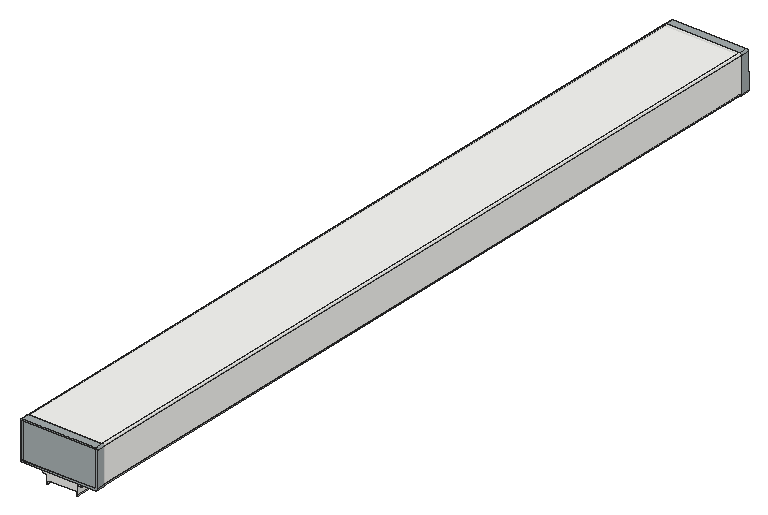
Revit family "Zumtobel TECTON 2 continuous row element ECOOS 2", category Lighting Fixtures, host Face, Revit 2023
Family settings
  Host = Face
  Round Connector Dimension = Use Diameter
  Part Type = Normal
  Cut with Voids When Loaded = No
  Light Source = Yes
  Maintain Annotation Orientation = No
  Shared = No
  Room Calculation Point = Yes
Parameters (values of type "ECOOS2 4400-940 TEC2 L12 MPO LDE WH")
  Lighting Trunking System Mark [instance] = ""
  Include in Schedule [instance] = yes
  Housing Slim = no
  Housing L15 = no
  Housing L12 = yes
  Wattage = 33.2308 W
  built-in parameter 1150110 = 1 (stored number, unit not read)
  URL = "https://www.zumtobel.com/42191044"
  Type Image = ZS_TE2_F_ECOOS2_stnd_config_WH.jpg
  Type IFC Predefined Type = "DIRECTIONSOURCE"
  built-in parameter 1114217 = 1 (stored number, unit not read)
  Tilt Angle = -90.00°  # constant formula
  built-in parameter 1150109 = 1 (stored number, unit not read)
  built-in parameter 1150134 = 12
  TECTON 2 Adapter Length = Luminaire Length - 13 mm  # 1251 mm
  built-in parameter 1150113 = 1 (stored number, unit not read)
  Power Factor = 0.94
  Photometric Web File = "42191044_(STD_LEO).IES"
  Model = "42191044"
  Manufacturer = "Zumtobel Lighting"  # constant formula
  built-in parameter 1150105 = 343.77 (stored number, unit not read)
  Lumens = 4320 lm
  Luminaire Width = if(Housing Slim, 152 mm, 120 mm)  # 120 mm
  Luminaire Length = if(Housing L12, 1264 mm, if(Housing L15, 1512 mm, 1264 mm))  # 1264 mm
  Luminaire Height = if(Housing Slim, 45.81 mm, 73.81 mm)  # 73.81 mm
  built-in parameter 1150115 = 1 (stored number, unit not read)
  built-in parameter 1150137 = (empty or 0)
  built-in parameter 1150139 = (empty or 0)
  built-in parameter 1150112 = 1 (stored number, unit not read)
  built-in parameter 1150114 = 1 (stored number, unit not read)
  Lamp = "LED"  # constant formula
  built-in parameter 1150132 = 2
  built-in parameter 1150102 = (empty or 0)
  built-in parameter 1150107 = 4000 (stored number, unit not read)
  built-in parameter 1150138 = (empty or 0)
  built-in parameter 1150106 = 3.4377 (stored number, unit not read)
  Export Type to IFC As = "IfcLightFixtureType"
  Emit from Rectangle Width = Luminaire Length - 26 mm  # 1238 mm
  built-in parameter 1150128 = Luminaire Width  # 120 mm
  Emit Shape Visible in Rendering = 0 > 1  # no
  built-in parameter 1150104 = 12.077 (stored number, unit not read)
  Dimming Lamp Color Temperature Shift = (empty or 0)
  Description = "Continuous-row Lighting Luminaires"  # constant formula
  Default Elevation = 0 mm  # constant formula
  Color Filter = 16777215
  built-in parameter 1114218 = 1 (stored number, unit not read)
  Emit from Rectangle Length = 3048 mm
  Assembly Code = "Pr_70_70_48_19"
  Apparent Load = Wattage / Power Factor  # 35.3519 VA
Types (6, lengths in mm): name | Housing Slim | Housing L15 | Housing L12 | Wattage | URL | Type Image | TECTON 2 Adapter Length | Power Factor | Photometric Web File | Model | built-in parameter 1150105 | Lumens | Luminaire Width | Luminaire Length | Luminaire Height | built-in parameter 1150106 | Emit from Rectangle Width | built-in parameter 1150128 | built-in parameter 1150104 | Apparent Load
  ECOOS2 4400-940 TEC2 L12 MPO LDE WH | no | no | yes | 33.2308 W | "https://www.zumtobel.com/42191044" | ZS_TE2_F_ECOOS2_stnd_config_WH.jpg | 1251 | 0.94 | "42191044_(STD_LEO).IES" | "42191044" | 343.77 (stored number, unit not read) | 4320 lm | 120 | 1264 | 73.81 | 3.4377 (stored number, unit not read) | 1238 | 120 | 12.077 (stored number, unit not read) | 35.3519 VA
  ECOOS2 5500-940 TEC2 L15 MPO LDE WH | no | yes | no | 41.4504 W | "https://www.zumtobel.com/42956207" | ZS_TE2_F_ECOOS2_stnd_config_WH.jpg | 1499 | 0.96 | "42956207_(STD_LEO).IES" | "42956207" | 432.11 (stored number, unit not read) | 5430 lm | 120 | 1512 | 73.81 | 4.3211 (stored number, unit not read) | 1486 | 120 | 12.17 (stored number, unit not read) | 43.1775 VA
  ECOOS2 6600-940 TEC2 L15 MPO LDE WH | no | yes | no | 49.7638 W | "https://www.zumtobel.com/42191045" | ZS_TE2_F_ECOOS2_stnd_config_WH.jpg | 1499 | 0.96 | "42191045_(STD_LEO).IES" | "42191045" | 502.93 (stored number, unit not read) | 6320 lm | 120 | 1512 | 73.81 | 5.0293 (stored number, unit not read) | 1486 | 120 | 11.799 (stored number, unit not read) | 51.8373 VA
  ECOOS2 SLIM 4400-940 TEC2 L12 MPO LDE WH | yes | no | yes | 35.4918 W | "https://www.zumtobel.com/42191046" | ZS_TE2_F_ECOOS2_slim_config_WH.jpg | 1251 | 0.95 | "42191046_(STD_LEO).IES" | "42191046" | 344.57 (stored number, unit not read) | 4330 lm | 152 | 1264 | 45.81 | 3.4457 (stored number, unit not read) | 1238 | 152 | 11.334 (stored number, unit not read) | 37.3598 VA
  ECOOS2 SLIM 5500-940 TEC2 L15 MPO LDE WH | yes | yes | no | 44.2623 W | "https://www.zumtobel.com/42956206" | ZS_TE2_F_ECOOS2_slim_config_WH.jpg | 1499 | 0.97 | "42956206_(STD_LEO).IES" | "42956206" | 429.72 (stored number, unit not read) | 5400 lm | 152 | 1512 | 45.81 | 4.2972 (stored number, unit not read) | 1486 | 152 | 11.334 (stored number, unit not read) | 45.6312 VA
  ECOOS2 SLIM 6600-940 TEC2 L15 MPO LDE WH | yes | yes | no | 62.3585 W | "https://www.zumtobel.com/42191047" | ZS_TE2_F_ECOOS2_slim_config_WH.jpg | 1499 | 0.97 | "42191047_(STD_LEO).IES" | "42191047" | 526.01 (stored number, unit not read) | 6610 lm | 152 | 1512 | 45.81 | 5.2601 (stored number, unit not read) | 1486 | 152 | 9.8477 (stored number, unit not read) | 64.2871 VA
Reference planes
  plane 1 "Center (Front/Back)": y = 0
  plane 2: z = 0
  plane 3 "Center (Left/Right)": x = 0
  plane 4: x = -60
  plane 5: x = 60
  plane 6: y = 632
  plane 7: y = -632
  plane 8 "Bottom": z = 73.81
Lines and regions (mm)
  Filled region 1, type "White"
    outline origin (0, 0, 0) x (1, 0, 0) y (0, 1, 0)
      loop
        line (-60, 632) -> (-60, -632) -> (60, -632) -> (60, 632) -> (-60, 632)
  model lines, style "InvisibleLines"
    curve 1: line (-234, 632, 0) -> (234, 632, 0)
    curve 2: line (-234, -632, 0) -> (234, -632, 0)
  symbolic lines
    curve 3: line (-60, 619, 0) -> (60, 619, 0)
    curve 4: line (-60, -619, 0) -> (60, -619, 0)
Dimensions and locks
  equal spacing: plane 4, plane 3 "Center (Left/Right)", plane 5
  "Luminaire Width": plane 4 to plane 5
  equal spacing: plane 7, plane 1 "Center (Front/Back)", plane 6
  "Luminaire Length": plane 7 to plane 6
  "Luminaire Height": plane 8 "Bottom" to level
  locked: plane 6 to curve 3 at 13
  locked: plane 7 to curve 4 at 13
  aligned and locked: plane 2 to host face
  aligned and locked: level to host face
  aligned and locked: plane 8 "Bottom" to imposter light
  aligned and locked: nested 1 to plane 1 "Center (Front/Back)"
  aligned and locked: plane 3 "Center (Left/Right)" to nested 1
  aligned and locked: plane 1 "Center (Front/Back)" to nested 2
  aligned and locked: plane 3 "Center (Left/Right)" to nested 2
  aligned and locked: curve 1 to plane 6
  aligned and locked: plane 7 to curve 2
  aligned and locked: imposter light to plane 3 "Center (Left/Right)"
  aligned and locked: plane 1 "Center (Front/Back)" to imposter light
  aligned and locked: Filled region 1 sketch curve to plane 6
  aligned and locked: Filled region 1 sketch curve to plane 7
  aligned and locked: plane 5 to Filled region 1 sketch curve
  aligned and locked: plane 4 to Filled region 1 sketch curve
Automatic sketch dimensions
  host sketch curve to host sketch curve = 2438.4 mm  (x2)
  curve 2 to plane 4 = 174 mm
  curve 1 to plane 4 = 174 mm
  curve 2 to plane 5 = 174 mm
  curve 1 to plane 5 = 174 mm
  curve 3 to curve 4 = 1238 mm
  curve 4 to curve 4 = 120 mm
  curve 3 to curve 3 = 120 mm
  curve 4 to curve 3 = 1238 mm
  curve 4 to plane 4 = 0 mm
  curve 3 to plane 4 = 0 mm
  curve 3 to plane 5 = 0 mm
  curve 4 to plane 5 = 0 mm
  curve 4 to plane 7 = 13 mm
  curve 3 to plane 6 = 13 mm
Nested families
  nested 1: "Zumtobel-Parts-ECOOS 2-TECTON 2-Housing" at (0, 0, 13.808) x (0, 1, 0) z (0, 0, -1), Housing L12 <- "Housing L12", Housing L15 <- "Housing L15", Housing Slim <- "Housing Slim", type "00"
    with Housing Slim no, Housing L15 no, Housing L12 yes, E 60 mm, D 64 mm, B 120 mm, A 1264 mm
  nested 2: "Zumtobel-Parts-TECTON 2-Adapter-Simple" at (0, 0, 0) x (1, 0, 0) z (0, 0, -1), A <- "TECTON 2 Adapter Length", type "White"
    with A 1251 mm
Connectors
  electrical at (0, 0, 0), driven by "Apparent Load", driven by "Power Factor"
    settings: index 1, voltage 220 V, apparent load 35.3519 VA, apparent load phase1 0 VA, apparent load phase2 0 VA, apparent load phase3 0 VA, power factor 0.94, load classification "Lighting", number of poles 1, system type 30, power factor state 1, is connector primary yes, connector utility no, sub classification motor no, connector description ""
Definition of nested family "Zumtobel-Parts-ECOOS 2-TECTON 2-Housing"
  Parameters (values of type "00")
    Manufacturer = "Zumtobel Lighting"  # constant formula
    Housing Slim [instance] = no
    Housing L15 [instance] = no
    Housing L12 [instance] = no
    Material Side Cover = none
    Material Cover 2 = none
    Material Cover = none
    E [instance] = if(Housing Slim, 32 mm, 60 mm)  # 60 mm
    Default Elevation = 0 mm  # constant formula
    D [instance] = 64 mm  # constant formula
    B [instance] = if(Housing Slim, 152 mm, 120 mm)  # 120 mm
    Material Housing = none
    A [instance] = if(Housing L12, 1264 mm, if(Housing L15, 1512 mm, 1264 mm))  # 1264 mm
  Reference planes
    plane 1 "Center (Front/Back)": y = 0
    plane 2: z = 0
    plane 3 "Center (Left/Right)": x = 0
    plane 4: x = -632
    plane 5: x = 632
    plane 6: z = -60
    plane 7: y = 60
    plane 8: y = -60
    plane 9: z = 0
    plane 10: y = 32
    plane 11: y = -32
    plane 12: x = -619
    plane 13: x = -579
    plane 14: x = 619
    plane 15: x = 579
    plane 16: y = 37
    plane 17: y = -37
  Forms (mm)
    Extrusion 1, solid, material <- "Material Cover"
      sketch origin (0, 0, 0) x (0, 1, 0) y (0, 0, 1)
        loop
          line (57, 0) -> (37, 0) -> (37, -2) -> (57, -2)
          arc (57, -2) -> (57.707, -2.293) -> (58, -3) r 1
          line (58, -3) -> (58, -57)
          arc (58, -57) -> (57.707, -57.707) -> (57, -58) r 1
          line (57, -58) -> (-57, -58)
          arc (-57, -58) -> (-57.707, -57.707) -> (-58, -57) r 1
          line (-58, -57) -> (-58, -3)
          arc (-58, -3) -> (-57.707, -2.293) -> (-57, -2) r 1
          line (-57, -2) -> (-37, -2) -> (-37, 0) -> (-57, 0)
          arc (-57, 0) -> (-59.121, -0.879) -> (-60, -3) r 3
          line (-60, -3) -> (-60, -57)
          arc (-60, -57) -> (-59.121, -59.121) -> (-57, -60) r 3
          line (-57, -60) -> (57, -60)
          arc (57, -60) -> (59.121, -59.121) -> (60, -57) r 3
          line (60, -57) -> (60, -3)
          arc (60, -3) -> (59.121, -0.879) -> (57, 0) r 3
      from -619 to 619
    Extrusion 2, solid, material <- "Material Cover 2"
      sketch origin (0, 0, 0) x (0, 1, 0) y (0, 0, 1)
        loop
          line (57, -2) -> (37, -2) -> (37, -5) -> (-37, -5) -> (-37, -2) -> (-57, -2)
          arc (-57, -2) -> (-57.707, -2.293) -> (-58, -3) r 1
          line (-58, -3) -> (-58, -57)
          arc (-58, -57) -> (-57.707, -57.707) -> (-57, -58) r 1
          line (-57, -58) -> (57, -58)
          arc (57, -58) -> (57.707, -57.707) -> (58, -57) r 1
          line (58, -57) -> (58, -3)
          arc (58, -3) -> (57.707, -2.293) -> (57, -2) r 1
      from -619 to 619
    Extrusion 3, solid, material <- "Material Housing"
      sketch origin (0, 0, 0) x (0, 1, 0) y (0, 0, -1)
        loop
          line (37, 0) -> (37, 5) -> (-37, 5) -> (-37, 0) -> (37, 0)
      from -619 to 619
    Extrusion 4, solid, material <- "Material Side Cover"
      sketch origin (-632, -1524, -190.15) x (0, 0, -1) y (0, -1, 0)
        loop
          arc (-133.15, -1584) -> (-131.029, -1583.121) -> (-130.15, -1581) r 3
          line (-130.15, -1581) -> (-130.15, -1467)
          arc (-130.15, -1467) -> (-131.029, -1464.879) -> (-133.15, -1464) r 3
          line (-133.15, -1464) -> (-187.15, -1464)
          arc (-187.15, -1464) -> (-189.272, -1464.879) -> (-190.15, -1467) r 3
          line (-190.15, -1467) -> (-190.15, -1581)
          arc (-190.15, -1581) -> (-189.272, -1583.121) -> (-187.15, -1584) r 3
          line (-187.15, -1584) -> (-133.15, -1584)
        loop
          line (-187.15, -1582) -> (-133.15, -1582)
          arc (-133.15, -1582) -> (-132.443, -1581.707) -> (-132.15, -1581) r 1
          line (-132.15, -1581) -> (-132.15, -1467)
          arc (-132.15, -1467) -> (-132.443, -1466.293) -> (-133.15, -1466) r 1
          line (-133.15, -1466) -> (-187.15, -1466)
          arc (-187.15, -1466) -> (-187.858, -1466.293) -> (-188.15, -1467) r 1
          line (-188.15, -1467) -> (-188.15, -1581)
          arc (-188.15, -1581) -> (-187.858, -1581.707) -> (-187.15, -1582) r 1
      from -13 to 0
    Extrusion 5, solid, material <- "Material Side Cover"
      sketch origin (-632, -1524, -190.15) x (0, 0, -1) y (0, -1, 0)
        loop
          line (-187.15, -1582) -> (-133.15, -1582)
          arc (-133.15, -1582) -> (-132.443, -1581.707) -> (-132.15, -1581) r 1
          line (-132.15, -1581) -> (-132.15, -1467)
          arc (-132.15, -1467) -> (-132.443, -1466.293) -> (-133.15, -1466) r 1
          line (-133.15, -1466) -> (-187.15, -1466)
          arc (-187.15, -1466) -> (-187.858, -1466.293) -> (-188.15, -1467) r 1
          line (-188.15, -1467) -> (-188.15, -1581)
          arc (-188.15, -1581) -> (-187.858, -1581.707) -> (-187.15, -1582) r 1
      from -13 to -2
    Extrusion 6, solid, material <- "Material Side Cover"
      sketch origin (632, -1524, -190.15) x (0, 0, -1) y (0, 1, 0)
        loop
          line (-133.15, 1584) -> (-187.15, 1584)
          arc (-187.15, 1584) -> (-189.272, 1583.121) -> (-190.15, 1581) r 3
          line (-190.15, 1581) -> (-190.15, 1467)
          arc (-190.15, 1467) -> (-189.272, 1464.879) -> (-187.15, 1464) r 3
          line (-187.15, 1464) -> (-133.15, 1464)
          arc (-133.15, 1464) -> (-131.029, 1464.879) -> (-130.15, 1467) r 3
          line (-130.15, 1467) -> (-130.15, 1581)
          arc (-130.15, 1581) -> (-131.029, 1583.121) -> (-133.15, 1584) r 3
        loop
          arc (-187.15, 1582) -> (-187.858, 1581.707) -> (-188.15, 1581) r 1
          line (-188.15, 1581) -> (-188.15, 1467)
          arc (-188.15, 1467) -> (-187.858, 1466.293) -> (-187.15, 1466) r 1
          line (-187.15, 1466) -> (-133.15, 1466)
          arc (-133.15, 1466) -> (-132.443, 1466.293) -> (-132.15, 1467) r 1
          line (-132.15, 1467) -> (-132.15, 1581)
          arc (-132.15, 1581) -> (-132.443, 1581.707) -> (-133.15, 1582) r 1
          line (-133.15, 1582) -> (-187.15, 1582)
      from -13 to 0
    Extrusion 7, solid, material <- "Material Side Cover"
      sketch origin (632, -1524, -190.15) x (0, 0, -1) y (0, 1, 0)
        loop
          arc (-187.15, 1582) -> (-187.858, 1581.707) -> (-188.15, 1581) r 1
          line (-188.15, 1581) -> (-188.15, 1467)
          arc (-188.15, 1467) -> (-187.858, 1466.293) -> (-187.15, 1466) r 1
          line (-187.15, 1466) -> (-133.15, 1466)
          arc (-133.15, 1466) -> (-132.443, 1466.293) -> (-132.15, 1467) r 1
          line (-132.15, 1467) -> (-132.15, 1581)
          arc (-132.15, 1581) -> (-132.443, 1581.707) -> (-133.15, 1582) r 1
          line (-133.15, 1582) -> (-187.15, 1582)
      from -13 to -2
  Cuts and joins
    joined: Extrusion 4, Extrusion 5
    joined: Extrusion 6, Extrusion 7
  Dimensions and locks
    equal spacing: plane 4, plane 3 "Center (Left/Right)", plane 5
    "A": plane 4 to plane 5
    equal spacing: plane 7, plane 1 "Center (Front/Back)", plane 8
    "B": plane 7 to plane 8
    equal spacing: plane 10, plane 1 "Center (Front/Back)", plane 11
    "D": plane 10 to plane 11
    "E": plane 9 to plane 6
    locked: plane 4 to plane 12 at 13
    locked: plane 4 to plane 13 at 53
    locked: plane 5 to plane 14 at 13
    locked: plane 5 to plane 15 at 53
    locked: plane 16 to plane 10 at 5
    locked: plane 17 to plane 11 at 5
    aligned and locked: level to plane 2
    aligned and locked: plane 9 to Extrusion 1 sketch curve
    aligned and locked: Extrusion 1 sketch curve to plane 7
    aligned and locked: Extrusion 1 sketch curve to plane 6
    aligned and locked: Extrusion 1 sketch curve to plane 8
    aligned and locked: Extrusion 2 sketch curve to Extrusion 1  (x5)
    aligned and locked: Extrusion 1 to plane 14
    aligned and locked: Extrusion 2 to plane 14
    aligned and locked: Extrusion 1 to plane 12
    aligned and locked: Extrusion 2 to plane 12
    aligned and locked: Extrusion 1 sketch curve to plane 16
    aligned and locked: plane 17 to Extrusion 1 sketch curve
    aligned and locked: Extrusion 2 sketch curve to plane 16
    aligned and locked: Extrusion 2 sketch curve to plane 17
    aligned and locked: Extrusion 3 to plane 12
    aligned and locked: Extrusion 4 sketch curve to plane 9
    aligned and locked: plane 6 to Extrusion 4 sketch curve
    aligned and locked: plane 7 to Extrusion 4 sketch curve
    aligned and locked: plane 8 to Extrusion 4 sketch curve
    aligned and locked: plane 12 to Extrusion 4
    aligned and locked: plane 4 to Extrusion 4
    aligned and locked: Extrusion 3 to plane 14
    aligned and locked: level to plane 9
  Automatic sketch dimensions
    Extrusion 1 sketch curve to Extrusion 1 sketch curve = 0 mm  (x8)
    Extrusion 1 sketch curve to plane 9 = 0 mm
    Extrusion 1 sketch curve to Extrusion 1 sketch curve = 2 mm
    Extrusion 1 sketch curve to Extrusion 1 sketch curve = 1 mm  (x4)
    Extrusion 2 sketch curve to Extrusion 2 sketch curve = 1 mm  (x4)
    Extrusion 3 sketch curve to plane 9 = 0 mm
    Extrusion 3 sketch curve to plane 17 = 0 mm
    Extrusion 3 sketch curve to plane 16 = 0 mm
    Extrusion 3 sketch curve to plane 9 = 5 mm
    Extrusion 4 sketch curve to Extrusion 4 sketch curve = 0 mm  (x8)
    Extrusion 4 sketch curve to Extrusion 4 sketch curve = 2 mm
    Extrusion 4 sketch curve to Extrusion 4 sketch curve = 1 mm  (x2)
    Extrusion 4 sketch curve to plane 9 = 3 mm
    plane 6 to Extrusion 4 sketch curve = 3 mm
    Extrusion 5 sketch curve to plane 9 = 2 mm
    Extrusion 5 sketch curve to Extrusion 5 sketch curve = 1 mm  (x3)
    plane 6 to Extrusion 5 sketch curve = 3 mm  (x2)
    plane 7 to Extrusion 5 sketch curve = 2 mm
    plane 8 to Extrusion 5 sketch curve = 3 mm
    Extrusion 6 sketch curve to Extrusion 6 sketch curve = 0 mm  (x8)
    Extrusion 6 sketch curve to plane 9 = 0 mm
    Extrusion 6 sketch curve to plane 7 = 0 mm
    Extrusion 6 sketch curve to plane 8 = 0 mm
    Extrusion 6 sketch curve to plane 6 = 0 mm
    plane 9 to Extrusion 6 sketch curve = 2 mm
    Extrusion 6 sketch curve to Extrusion 6 sketch curve = 1 mm  (x2)
    plane 9 to Extrusion 6 sketch curve = 3 mm
    Extrusion 6 sketch curve to plane 6 = 3 mm
    plane 9 to Extrusion 7 sketch curve = 2 mm
    Extrusion 7 sketch curve to Extrusion 7 sketch curve = 1 mm  (x3)
    Extrusion 7 sketch curve to plane 6 = 3 mm  (x2)
    Extrusion 7 sketch curve to plane 7 = 2 mm
    Extrusion 7 sketch curve to plane 8 = 3 mm
    Extrusion 2 sketch curve to Extrusion 2 sketch curve = 3 mm
Definition of nested family "Zumtobel-Parts-TECTON 2-Adapter-Simple"
  Parameters (values of type "White")
    Material Housing = none
    Manufacturer = "Zumtobel Lighting"  # constant formula
    Default Elevation = 0 mm  # constant formula
    C = 60 mm  # constant formula
    B = 60 mm  # constant formula
    A [instance] = 1000 mm
  Types (2): name
    Black
    White
  Reference planes
    plane 1 "Center (Front/Back)": y = 0
    plane 2: z = 0
    plane 3 "Center (Left/Right)": x = 0
    plane 4: x = -30
    plane 5: x = 30
    plane 6: y = 500
    plane 7: y = -500
    plane 8: z = -13.808
    plane 9: z = 60
  Forms (mm)
    Extrusion 1, solid, material <- "Material Housing"
      sketch origin (889.358, -500, 1200) x (1, 0, 0) y (0, 0, -1)
        loop
          line (-860.358, 1213.808) -> (-918.358, 1213.808)
          arc (-918.358, 1213.808) -> (-919.066, 1213.515) -> (-919.358, 1212.808) r 1
          line (-919.358, 1212.808) -> (-919.358, 1207.722)
          arc (-919.358, 1207.722) -> (-918.802, 1206.378) -> (-917.458, 1205.822) r 1.9
          line (-917.458, 1205.822) -> (-914.166, 1205.822)
          arc (-914.166, 1205.822) -> (-913.736, 1205.644) -> (-913.558, 1205.214) r 0.608
          line (-913.558, 1205.214) -> (-913.558, 1193.322)
          arc (-913.558, 1193.322) -> (-912.537, 1192.3) -> (-911.515, 1193.322) r 1.022
          line (-911.515, 1193.322) -> (-911.515, 1196.14) -> (-909.946, 1197.437) -> (-889.358, 1197.437) -> (-868.771, 1197.437) -> (-867.202, 1196.14) -> (-867.202, 1193.322)
          arc (-867.202, 1193.322) -> (-866.18, 1192.3) -> (-865.158, 1193.322) r 1.022
          line (-865.158, 1193.322) -> (-865.158, 1205.214)
          arc (-865.158, 1205.214) -> (-864.98, 1205.644) -> (-864.551, 1205.822) r 0.608
          line (-864.551, 1205.822) -> (-861.258, 1205.822)
          arc (-861.258, 1205.822) -> (-859.915, 1206.378) -> (-859.358, 1207.722) r 1.9
          line (-859.358, 1207.722) -> (-859.358, 1212.808)
          arc (-859.358, 1212.808) -> (-859.651, 1213.515) -> (-860.358, 1213.808) r 1
      from 0 to 1000
  Lines and regions (mm)
    model lines
      curve 1: line (-24.2, -500, 0) -> (24.2, -500, 0)
      curve 2: line (-24.2, 500, 0) -> (24.2, 500, 0)
  Dimensions and locks
    equal spacing: plane 4, plane 3 "Center (Left/Right)", plane 5
    "B": plane 4 to plane 5
    equal spacing: plane 6, plane 1 "Center (Front/Back)", plane 7
    "A": plane 6 to plane 7
    "C": plane 9 to level
    locked: level to plane 8 at 13.808
    aligned and locked: level to plane 2
    aligned and locked: Extrusion 1 to plane 6
    aligned and locked: Extrusion 1 to plane 7
    aligned and locked: curve 1 to level
    aligned and locked: plane 6 to curve 2
    aligned and locked: curve 1 to plane 7
  Automatic sketch dimensions
    Extrusion 1 sketch curve to plane 3 "Center (Left/Right)" = 0 mm
    level to Extrusion 1 sketch curve = 2.563 mm
    Extrusion 1 sketch curve to plane 3 "Center (Left/Right)" = 20.587 mm
    level to Extrusion 1 sketch curve = 3.86 mm  (x2)
    Extrusion 1 sketch curve to Extrusion 1 sketch curve = 1.569 mm  (x2)
    Extrusion 1 sketch curve to Extrusion 1 sketch curve = 1.022 mm  (x2)
    Extrusion 1 sketch curve to Extrusion 1 sketch curve = 0.608 mm  (x2)
    Extrusion 1 sketch curve to Extrusion 1 sketch curve = 3.292 mm  (x2)
    Extrusion 1 sketch curve to Extrusion 1 sketch curve = 0.9 mm  (x2)
    Extrusion 1 sketch curve to Extrusion 1 sketch curve = 1 mm
    Extrusion 1 sketch curve to Extrusion 1 sketch curve = 20.587 mm
    Extrusion 1 sketch curve to Extrusion 1 sketch curve = 1.9 mm
    Extrusion 1 sketch curve to Extrusion 1 sketch curve = 2.819 mm  (x2)
    Extrusion 1 sketch curve to level = 5.214 mm  (x2)
    Extrusion 1 sketch curve to Extrusion 1 sketch curve = 5.086 mm
    plane 5 to curve 1 = 5.8 mm
    plane 4 to curve 1 = 5.8 mm
    curve 2 to level = 0 mm
    curve 2 to plane 5 = 5.8 mm
    curve 2 to plane 4 = 5.8 mm
